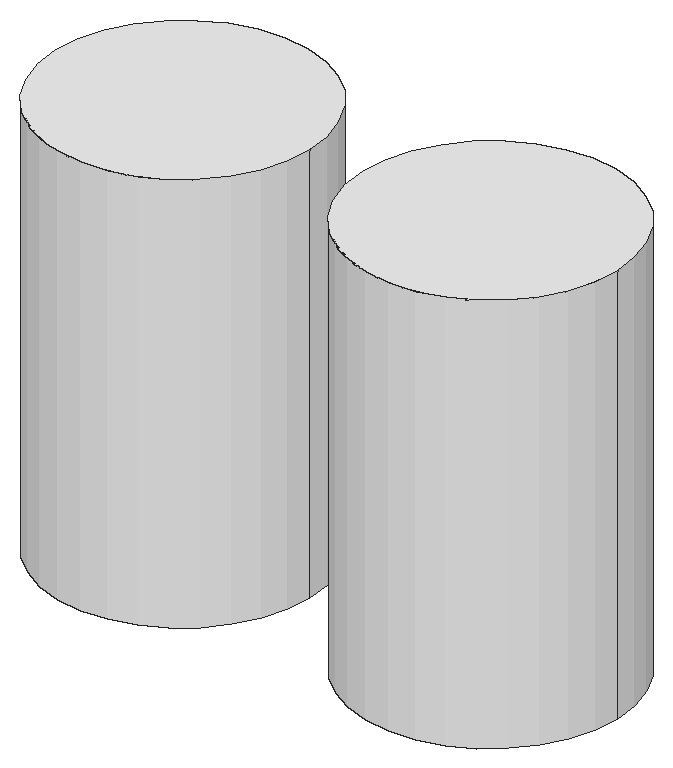
Revit family "514222930037", category Plumbing Fixtures, Revit 2020
Family settings
  Round Connector Dimension = Use Diameter
  Part Type = Normal
  OmniClass Number = 23.45.55.00
  OmniClass Title = Sanitary Faucets, Wastes
  Work Plane-Based = No
  Always vertical = Yes
  Cut with Voids When Loaded = No
  Shared = No
  Room Calculation Point = No
Parameters (values of type "514222930037 Washbasin faucet ")
  Working Pressure = "50 - 1000 kPa"
  WarrantyStartDate [instance] = "n/a"
  WarrantyGuarantorParts = "n/a"
  WarrantyGuarantorLabor = "n/a"
  WarrantyDurationUnit = "Year"
  WarrantyDurationParts = "n/a"
  WarrantyDurationLabor = "n/a"
  WarrantyDescription = "http://warranty.hansa.com"
  Warranty Information URL = "http://warranty.hansa.com"
  VersionDate = "20/08/2024"
  Version = "1"
  ValvePattern = "n/a"
  ValveOperation = "n/a"
  ValveMechanism = "n/a"
  Uniclass2015Reference = "Pr_40_20_87_96"
  Uniclass2015Description = "Washbasin manual water supply sets"
  Uniclass2 = "Pr_40_30_96_96"
  URL REACH = "http://static.hansa.com/doc/reach"
  URL Global Mark = "http://static.hansa.com/Globalmark/514222930037"
  URL EcoLabel Declaration = "http://static.hansa.com/doc/EcoLabel"
  URL EU Packaging Declaration = "http://static.hansa.com/doc/packaging"
  URL Declaration of SCIP = "http://static.hansa.com/doc/SCIP"
  URL Declaration of Conformity = "http://static.hansa.com/DoC/514222930037"
  URL Declaration of Asbestos = "http://static.hansa.com/doc/asbestos"
  URL Declaration Of Performance (DOP) = "http://static.hansa.com/doc/DoP"
  URL = ""
  UNSPSC Class Number = "30181700 Faucets or taps"
  TestPressure = "n/a"
  Temperature Adjustments = "Limitation option for maximum temperature and flow-rate ;Adjustable hot water stop (included, retrofittable)"
  Temperature = "Temperature limiter;Temperature limiter (retrofittable)"
  Technical DataSheet URL = "http://www.hansa.com/datasheet/514222930037/en"
  TagNumber [instance] = "n/a"
  SustainabilityPerformance = "n/a"
  Surface treatment = "Chrome"
  Spout Type = "Fixed spout"
  Spout Projection = "103 mm"
  Size = "48.5x137x136 mm"
  Shape = "Sculptured"
  SerialNumber [instance] = "n/a"
  Sales Package dimensions (LxWxH) = "540 x 146 x 59"
  Revision = "n/a"
  ReplacementCost = "n/a"
  ProductInformation = "Washbasin faucet with fixed spout and aerator"
  Product URL = "http://static.hansa.com/514222930037"
  Product Image URL = "http://static.hansa.com/image/514222930037"
  Product Family = "HANSAPOLO "
  Product Code = "514222930037"
  OperatingMechanismMaterial = "n/a"
  NominalWidth = 48.5 mm
  NominalHeight = 137 mm
  NominalDepth = 137 mm
  Noise Class = "I (ISO3822)"
  Name_en = "514222930037 Washbasin faucet"
  Name = "514222930037 Washbasin faucet"
  NBSReference = "45-35-70/371"
  NBSDescription = "Water supply fittings for wash basins and troughs"
  Mounting Holes = "1 hole"
  ModelReference = "514222930037"
  ModelNumber = "n/a"
  Model = "514222930037 Washbasin faucet"
  Mobile Product Information URL = "http://mpi.hansa.com/514222930037"
  Mechanical Parts = "ø 35 mm ceramic cartridge for flow and temperature control"
  Max. Hot Water Supply = 70 °C
  Material = "Brass"
  Market = "International;Australia"
  ManufacturerURL = "http://www.hansa.com"
  ManufacturerName = "HANSA"
  Manufacturer = "HANSA"
  Lever Handle = "Hot/Cold symbols;Single operating lever/handle"
  Interactive AR View URL = "https://static.hansa.com/AR/514222930037"
  InstallationDate [instance] = "n/a"
  Installation and Maintenance Guide URL = "http://static.hansa.com/manual/514222930037"
  Installation Type = "Deck mounted"
  InletConnectionSize = 19 mm
  IfcExportType = "FAUCET"  # constant formula
  IfcExportAs = "IfcValveType"  # constant formula
  Group = "Washbasin faucet"
  Grade = "n/a"
  FlowCoefficient = 0
  Flow Rate At 300kPa With Flow Controller = 0.1 L/s
  Flow Drawing URL = "http://static.hansa.com/flowchart/514222930037"
  Finish = "Polished"
  Features = "Single-lever"
  FaucetMainMaterial = Brass
  FDV Document URL = "http://www.hansa.com/datasheet/514222930037/en/fdv"
  ExpectedLife = "n/a"
  Excluded Items = "Without pop-up waste;Without draw-rod opening"
  ETIM Class Number = "EC011328 Washbasin mixing tap"
  EN Standard = "EN 817"
  EAN Number = "4057304004032"
  DurationUnit = "Year"
  Dimension Drawing URL = "http://static.hansa.com/dimdrw/514222930037"
  Description = "Washbasin faucet with fixed spout and aerator"
  DefaultElevation [instance] = 900 mm
  Default Elevation = 0 mm
  Constituents = "n/a"
  Connection Size = "G1/2"
  Connection = "Flexible inlet pipes"
  Color = "Chrome"
  CodePerformance = "n/a"
  CloseOffRating = 0
  Certificate Global Mark = "GM-WM-040199-I02-R00"
  Category B2C = "Washbasin"
  Catalog Drawing URL = "http://static.hansa.com/catdrw/514222930037"
  Brand = "HANSA"
  BodyMaterial = "Brass"
  Barcode [instance] = "n/a"
  Backflow Prevention EN1717 = "AA"
  BIMObjectName = "514222930037"
  Author = "BIMStone"
  AssetType = "Fixed"
  AssetIdentifier [instance] = "n/a"
  Aerator = "PCA® - constant flow rate regardless of pressure variations"
  Advanced Features = "Inner body made of DZR brass;Rapid installation system"
  AccessibilityPerformance = "n/a"
  3D View = "https://static.hansa.com/3D/514222930037"
  2D/3D/BIM Files URL = "http://static.hansa.com/bim/514222930037"
Reference planes
  plane 1 "Center (Front/Back)": y = 0
  plane 2: z = 0
  plane 3 "Center (Left/Right)": x = 0
  plane 4: x = -24.25
  plane 5: z = 1037
  plane 6: z = 900
  plane 7: z = 870
  plane 8: y = -137
  plane 9: x = 24.25
Forms (mm)
  Extrusion 1, solid, material "Brass" <- "FaucetMainMaterial"
    sketch origin (0, 0, 0) x (1, 0, 0) y (0, 1, 0)
      loop
        circle (-11.5, -22.5) r 9.5
      loop
        circle (11.5, -22.5) r 9.5
    from 870 to 900
  Extrusion 2, solid, material "Brass" <- "FaucetMainMaterial", detail levels medium
    sketch origin (0, 0, 0) x (0, 1, 0) y (0, 0, 1)
      loop
        line (-11.837, 1037) -> (-124.122, 1037) -> (-122.074, 1028.126) -> (-62.2, 1027.177)
        arc (-62.2, 1027.177) -> (-58.651, 1025.78) -> (-57.131, 1022.282) r 4.983
        line (-57.131, 1022.282) -> (-56.683, 996.618) -> (-137, 989.601) -> (-137, 987.69) -> (-131.699, 983.242) -> (-135.856, 977.305) -> (-116.182, 963.529) -> (-114.062, 966.556) -> (-77.551, 967.193)
        arc (-77.551, 967.193) -> (-59.309, 959.809) -> (-50.685, 942.118) r 27.474
        line (-50.685, 942.118) -> (-47, 900) -> (0, 900) -> (-11.837, 1037)
    from -24.25 to 24.25
  Extrusion 3, solid, material "Brass" <- "FaucetMainMaterial", detail levels coarse
    sketch origin (0, 0, 0) x (1, 0, 0) y (0, 1, 0)
      loop
        line (-24.25, 0) -> (-24.25, -137) -> (24.25, -137) -> (24.25, 0) -> (-24.25, 0)
    from 900 to 1037
Lines and regions (mm)
  symbolic lines, detail levels medium+fine
    curve 1: line (0, 0, 900) -> (-23.5, 0, 900)
    curve 2: line (-23.5, 0, 900) -> (-23.5, 0, 998.12)
    curve 3: spline (-24.25, 0, 1002.285) -> (-24.238, 0, 1002.205) -> (-24.201, 0, 1002.125) -> (-24.14, 0, 1002.045) -> (-24.055, 0, 1001.966) -> (-23.945, 0, 1001.886) -> (-23.812, 0, 1001.808) -> (-23.654, 0, 1001.729) -> (-23.472, 0, 1001.651) -> (-23.267, 0, 1001.574) -> (-23.039, 0, 1001.498) -> (-22.787, 0, 1001.422) -> (-22.512, 0, 1001.347)
    curve 4: arc (-24.25, 0, 1002.285) -> (-23.247, 0, 1017.942) -> (-21.807, 0, 1033.565) r 561.53
    curve 5: line (-20.482, 0, 1035.174) -> (-14.32, 0, 1036.261)
    curve 6: arc (-14.32, 0, 1036.261) -> (-9.879, 0, 1036.835) -> (-5.404, 0, 1037) r 48.793
    curve 7: line (-5.404, 0, 1037) -> (0, 0, 1037)
    curve 9: line (0, 0, 900) -> (23.5, 0, 900)
    curve 10: line (23.5, 0, 900) -> (23.5, 0, 998.12)
    curve 11: spline (24.25, 0, 1002.285) -> (24.238, 0, 1002.205) -> (24.201, 0, 1002.125) -> (24.14, 0, 1002.045) -> (24.055, 0, 1001.966) -> (23.945, 0, 1001.886) -> (23.812, 0, 1001.808) -> (23.654, 0, 1001.729) -> (23.472, 0, 1001.651) -> (23.267, 0, 1001.574) -> (23.039, 0, 1001.498) -> (22.787, 0, 1001.422) -> (22.512, 0, 1001.347)
    curve 12: arc (24.25, 0, 1002.285) -> (23.247, 0, 1017.942) -> (21.807, 0, 1033.565) r 561.53
    curve 13: line (20.482, 0, 1035.174) -> (14.32, 0, 1036.261)
    curve 14: arc (14.32, 0, 1036.261) -> (9.879, 0, 1036.835) -> (5.404, 0, 1037) r 48.793
    curve 15: line (5.404, 0, 1037) -> (0, 0, 1037)
    curve 16: line (-22.633, 0, 998.988) -> (-22.512, 0, 1001.347)
    curve 17: line (22.633, 0, 998.988) -> (22.512, 0, 1001.347)
    curve 18: arc (-22.633, 0, 998.988) -> (-23.246, 0, 998.734) -> (-23.5, 0, 998.12) r 0.867
    curve 19: arc (22.633, 0, 998.988) -> (23.246, 0, 998.734) -> (23.5, 0, 998.12) r 0.867
    curve 20: arc (-20.482, 0, 1035.174) -> (-21.441, 0, 1034.614) -> (-21.807, 0, 1033.565) r 1.605
    curve 21: arc (20.482, 0, 1035.174) -> (21.441, 0, 1034.614) -> (21.807, 0, 1033.565) r 1.605
    curve 59: line (0, 0, 900) -> (0, -47, 900)
    curve 60: line (0, -47, 900) -> (0, -50.685, 942.118)
    curve 61: arc (0, -50.685, 942.118) -> (0, -59.309, 959.809) -> (0, -77.551, 967.193) r 27.474
    curve 62: line (0, -77.551, 967.193) -> (0, -109.985, 966.627)
    curve 63: arc (0, -109.985, 966.627) -> (0, -111.706, 966.9) -> (0, -113.23, 967.744) r 5.017
    curve 65: line (0, -136.087, 989.68) -> (0, -56.683, 996.618)
    curve 66: line (0, -56.683, 996.618) -> (0, -57.131, 1022.282)
    curve 67: arc (0, -57.131, 1022.282) -> (0, -58.651, 1025.78) -> (0, -62.2, 1027.177) r 4.983
    curve 68: line (0, -62.2, 1027.177) -> (0, -118.76, 1028.074)
    curve 69: arc (0, -118.76, 1028.074) -> (0, -121.312, 1028.98) -> (0, -122.794, 1031.248) r 4.237
    curve 70: line (0, -122.794, 1031.248) -> (0, -123.357, 1033.686)
    curve 71: arc (0, -123.357, 1033.686) -> (0, -123.101, 1034.795) -> (0, -122.07, 1035.277) r 1.299
    curve 72: line (0, -122.07, 1035.277) -> (0, -83.546, 1036.623)
    curve 73: arc (0, -83.546, 1036.623) -> (0, -75.229, 1036.862) -> (0, -66.91, 1037) r 680.589
    curve 74: arc (0, -66.91, 1037) -> (0, -40.52, 1036.693) -> (0, -14.169, 1035.22) r 597.328
    curve 75: arc (0, -14.169, 1035.22) -> (0, -13.191, 1034.767) -> (0, -12.746, 1033.786) r 1.547
    curve 76: line (0, -12.746, 1033.786) -> (0, -9.744, 1014.834)
    curve 77: line (0, -9.744, 1014.834) -> (0, -15.314, 1011.619)
    curve 78: arc (0, -15.314, 1011.619) -> (0, -12.568, 1006.368) -> (0, -11.235, 1000.594) r 23.302
    curve 79: arc (0, -137, 988.684) -> (0, -136.737, 989.36) -> (0, -136.087, 989.68) r 1
    curve 80: arc (0, -137, 988.156) -> (0, -136.906, 987.733) -> (0, -136.643, 987.39) r 1
    curve 81: line (0, -137, 988.684) -> (0, -137, 988.156)
    curve 82: line (0, -116.182, 963.529) -> (0, -135.856, 977.305)
    curve 83: line (0, -131.699, 983.242) -> (0, -135.856, 977.305)
    curve 84: line (0, -113.23, 967.744) -> (0, -116.182, 963.529)
    curve 85: line (0, -131.699, 983.242) -> (0, -136.643, 987.39)
    curve 89: line (0, -11.235, 1000.594) -> (0, -8.819, 1000.805)
    curve 91: line (0, -137, 0) -> (-6.831, -137, 0)
    curve 92: arc (-6.831, -137, 0) -> (-9.954, -136.71, 0) -> (-12.97, -135.849, 0) r 16.95
    curve 93: arc (-12.97, -135.849, 0) -> (-13.9, -135.32, 0) -> (-14.637, -134.545, 0) r 3.659
    curve 94: arc (-14.637, -134.545, 0) -> (-15.74, -132.603, 0) -> (-16.449, -130.485, 0) r 11.565
    curve 95: line (-16.449, -130.485, 0) -> (-22.722, -40.776, 0)
    curve 96: line (0, -137, 0) -> (6.831, -137, 0)
    curve 97: arc (6.831, -137, 0) -> (9.954, -136.71, 0) -> (12.97, -135.849, 0) r 16.95
    curve 98: arc (12.97, -135.849, 0) -> (13.9, -135.32, 0) -> (14.637, -134.545, 0) r 3.659
    curve 99: arc (14.637, -134.545, 0) -> (15.74, -132.603, 0) -> (16.449, -130.485, 0) r 11.565
    curve 100: line (16.449, -130.485, 0) -> (22.722, -40.776, 0)
    curve 102: spline (23.357, -26.09, 0) -> (23.666, -27.298, 0) -> (23.911, -28.52, 0) -> (24.09, -29.752, 0) -> (24.203, -30.993, 0) -> (24.249, -32.237, 0) -> (24.228, -33.482, 0) -> (24.141, -34.725, 0) -> (23.988, -35.961, 0) -> (23.769, -37.187, 0) -> (23.484, -38.401, 0) -> (23.135, -39.598, 0) -> (22.722, -40.776, 0)
    curve 103: arc (23.357, -26.09, 0) -> (0, 0, 0) -> (-23.357, -26.09, 0) r 23.5
    curve 112: spline (-22.722, -40.776, 0) -> (-23.135, -39.598, 0) -> (-23.484, -38.401, 0) -> (-23.769, -37.187, 0) -> (-23.988, -35.961, 0) -> (-24.141, -34.725, 0) -> (-24.228, -33.482, 0) -> (-24.249, -32.237, 0) -> (-24.203, -30.993, 0) -> (-24.09, -29.752, 0) -> (-23.911, -28.52, 0) -> (-23.666, -27.298, 0) -> (-23.357, -26.09, 0)
    curve 117: line (0, 0, 900) -> (0, -8.819, 1000.805)
  symbolic lines, detail levels fine
    curve 8: spline (-22.512, 0, 1001.347) -> (-19.863, 0, 1000.838) -> (-16.168, 0, 1000.405) -> (-11.62, 0, 1000.071) -> (-6.46, 0, 999.854) -> (-0.96, 0, 999.765) -> (4.591, 0, 999.808) -> (9.899, 0, 999.982) -> (14.687, 0, 1000.278) -> (18.7, 0, 1000.679) -> (21.728, 0, 1001.165) -> (23.611, 0, 1001.71) -> (24.25, 0, 1002.285)
    curve 22: line (-15.899, 0, 1034.548) -> (-15.72, 0, 1031.125)
    curve 23: arc (-15.72, 0, 1031.125) -> (-14.393, 0, 1028.344) -> (-11.489, 0, 1027.315) r 4.026
    curve 24: line (-11.489, 0, 1027.315) -> (0, 0, 1027.315)
    curve 25: arc (-14.32, 0, 1036.261) -> (-15.47, 0, 1035.737) -> (-15.899, 0, 1034.548) r 1.629
    curve 26: line (15.899, 0, 1034.548) -> (15.72, 0, 1031.125)
    curve 27: arc (15.72, 0, 1031.125) -> (14.393, 0, 1028.344) -> (11.489, 0, 1027.315) r 4.026
    curve 28: line (11.489, 0, 1027.315) -> (0, 0, 1027.315)
    curve 29: arc (14.32, 0, 1036.261) -> (15.47, 0, 1035.737) -> (15.899, 0, 1034.548) r 1.629
    curve 30: spline (-22.633, 0, 998.988) -> (-21.861, 0, 998.451) -> (-19.6, 0, 997.951) -> (-16.004, 0, 997.522) -> (-11.316, 0, 997.193) -> (-5.858, 0, 996.986) -> (0, 0, 996.915) -> (5.858, 0, 996.986) -> (11.316, 0, 997.193) -> (16.004, 0, 997.522) -> (19.6, 0, 997.951) -> (21.861, 0, 998.451) -> (22.633, 0, 998.988)
    curve 31: spline (10.74, 0, 970.347) -> (10.374, 0, 971.955) -> (9.301, 0, 973.453) -> (7.594, 0, 974.74) -> (5.37, 0, 975.728) -> (2.78, 0, 976.349) -> (0, 0, 976.56) -> (-2.78, 0, 976.349) -> (-5.37, 0, 975.728) -> (-7.594, 0, 974.74) -> (-9.301, 0, 973.453) -> (-10.374, 0, 971.955) -> (-10.74, 0, 970.347) -> (-10.374, 0, 968.738) -> (-9.301, 0, 967.24) -> (-7.594, 0, 965.953) -> (-5.37, 0, 964.965) -> (-2.78, 0, 964.345) -> (0, 0, 964.133) -> (2.78, 0, 964.345) -> (5.37, 0, 964.965) -> (7.594, 0, 965.953) -> (9.301, 0, 967.24) -> (10.374, 0, 968.738) -> (10.74, 0, 970.347)
    curve 32: line (-10.74, 0, 970.347) -> (-10.74, 0, 977.121)
    curve 33: line (10.74, 0, 970.347) -> (10.74, 0, 977.121)
    curve 34: spline (-10.74, 0, 970.633) -> (-11.115, 0, 971.144) -> (-11.425, 0, 971.671) -> (-11.668, 0, 972.211) -> (-11.842, 0, 972.761) -> (-11.948, 0, 973.317) -> (-11.983, 0, 973.877) -> (-11.948, 0, 974.437) -> (-11.842, 0, 974.993) -> (-11.668, 0, 975.543) -> (-11.425, 0, 976.083) -> (-11.115, 0, 976.61) -> (-10.74, 0, 977.121)
    curve 35: line (-11.983, 0, 973.877) -> (-11.983, 0, 976.203)
    curve 36: line (11.983, 0, 973.877) -> (11.983, 0, 976.203)
    curve 37: spline (-11.983, 0, 976.203) -> (-11.574, 0, 978.096) -> (-10.377, 0, 979.86) -> (-8.473, 0, 981.375) -> (-5.991, 0, 982.538) -> (-3.101, 0, 983.269) -> (0, 0, 983.518) -> (3.101, 0, 983.269) -> (5.991, 0, 982.538) -> (8.473, 0, 981.375) -> (10.377, 0, 979.86) -> (11.574, 0, 978.096) -> (11.983, 0, 976.203)
    curve 38: spline (-10.74, 0, 977.121) -> (-9.578, 0, 978.273) -> (-8.088, 0, 979.275) -> (-6.321, 0, 980.092) -> (-4.338, 0, 980.696) -> (-2.207, 0, 981.067) -> (0, 0, 981.192) -> (2.207, 0, 981.067) -> (4.338, 0, 980.696) -> (6.321, 0, 980.092) -> (8.088, 0, 979.275) -> (9.578, 0, 978.273) -> (10.74, 0, 977.121)
    curve 39: spline (10.74, 0, 977.121) -> (11.115, 0, 976.61) -> (11.425, 0, 976.083) -> (11.668, 0, 975.543) -> (11.842, 0, 974.993) -> (11.948, 0, 974.437) -> (11.983, 0, 973.877) -> (11.948, 0, 973.317) -> (11.842, 0, 972.761) -> (11.668, 0, 972.211) -> (11.425, 0, 971.671) -> (11.115, 0, 971.144) -> (10.74, 0, 970.633)
    curve 40: line (-23.5, 0, 998.12) -> (-17.681, 0, 988.808)
    curve 41: line (-17.681, 0, 988.808) -> (-16.86, 0, 987.494)
    curve 42: arc (-16.86, 0, 987.494) -> (-15.964, 0, 986.671) -> (-14.772, 0, 986.423) r 2.289
    curve 43: line (-3.71, 0, 987.138) -> (-14.772, 0, 986.423)
    curve 44: arc (-3.71, 0, 987.138) -> (-1.858, 0, 987.301) -> (0, 0, 987.355) r 31.816
    curve 45: line (23.5, 0, 998.12) -> (16.86, 0, 987.494)
    curve 46: arc (16.86, 0, 987.494) -> (15.963, 0, 986.67) -> (14.77, 0, 986.422) r 2.29
    curve 47: line (3.71, 0, 987.138) -> (14.77, 0, 986.422)
    curve 48: arc (3.71, 0, 987.138) -> (1.858, 0, 987.301) -> (0, 0, 987.355) r 31.816
    curve 49: line (-23.5, 0, 988.518) -> (-18.651, 0, 977.627)
    curve 50: arc (-18.651, 0, 977.627) -> (-15.357, 0, 972.753) -> (-10.589, 0, 969.307) r 16.858
    curve 51: line (23.5, 0, 988.518) -> (18.651, 0, 977.627)
    curve 52: arc (18.651, 0, 977.627) -> (15.357, 0, 972.753) -> (10.589, 0, 969.307) r 16.858
    curve 53: line (-17.103, 0, 984.092) -> (-17.368, 0, 980.229)
    curve 54: arc (-17.368, 0, 980.229) -> (-16.589, 0, 975.346) -> (-13.751, 0, 971.296) r 11.008
    curve 55: arc (-14.772, 0, 986.423) -> (-16.42, 0, 985.741) -> (-17.103, 0, 984.092) r 2.331
    curve 56: line (17.103, 0, 984.092) -> (17.368, 0, 980.229)
    curve 57: arc (17.368, 0, 980.229) -> (16.589, 0, 975.346) -> (13.751, 0, 971.296) r 11.008
    curve 58: arc (14.772, 0, 986.423) -> (16.42, 0, 985.741) -> (17.103, 0, 984.092) r 2.331
    curve 64: line (0, -113.23, 967.744) -> (0, -131.699, 983.242)
    curve 86: line (0, -15.314, 1011.619) -> (0, -31.179, 1002.459)
    curve 87: line (0, -56.746, 1000.222) -> (0, -31.179, 1002.459)
    curve 88: line (0, -56.683, 996.618) -> (0, -11.235, 1000.594)
    curve 90: spline (-16.871, -49.542, 0) -> (-17.505, -48.918, 0) -> (-18.114, -48.272, 0) -> (-18.699, -47.604, 0) -> (-19.258, -46.915, 0) -> (-19.791, -46.206, 0) -> (-20.296, -45.479, 0) -> (-20.774, -44.734, 0) -> (-21.223, -43.971, 0) -> (-21.643, -43.194, 0) -> (-22.033, -42.401, 0) -> (-22.393, -41.595, 0) -> (-22.722, -40.776, 0)
    curve 101: spline (-23.357, -26.09, 0) -> (-21.412, -21.325, 0) -> (-18.468, -17.081, 0) -> (-14.662, -13.556, 0) -> (-10.172, -10.913, 0) -> (-5.207, -9.276, 0) -> (0, -8.722, 0) -> (5.207, -9.276, 0) -> (10.172, -10.913, 0) -> (14.662, -13.556, 0) -> (18.468, -17.081, 0) -> (21.412, -21.325, 0) -> (23.357, -26.09, 0)
    curve 104: line (0, -123.45, 0) -> (-5, -123.45, 0)
    curve 105: arc (-5, -123.45, 0) -> (-8.178, -122.739, 0) -> (-10.749, -120.742, 0) r 7.456
    curve 106: arc (-10.749, -120.742, 0) -> (-11.709, -119.136, 0) -> (-12.144, -117.316, 0) r 6.19
    curve 107: line (-12.144, -117.316, 0) -> (-15.964, -54.466, 0)
    curve 108: line (0, -123.45, 0) -> (5, -123.45, 0)
    curve 109: arc (5, -123.45, 0) -> (8.178, -122.739, 0) -> (10.749, -120.742, 0) r 7.456
    curve 110: arc (10.749, -120.742, 0) -> (11.709, -119.136, 0) -> (12.144, -117.316, 0) r 6.19
    curve 111: line (12.144, -117.316, 0) -> (15.964, -54.466, 0)
    curve 113: spline (22.722, -40.776, 0) -> (22.393, -41.595, 0) -> (22.033, -42.401, 0) -> (21.643, -43.194, 0) -> (21.223, -43.971, 0) -> (20.774, -44.734, 0) -> (20.296, -45.479, 0) -> (19.791, -46.206, 0) -> (19.258, -46.915, 0) -> (18.699, -47.604, 0) -> (18.114, -48.272, 0) -> (17.505, -48.918, 0) -> (16.871, -49.542, 0)
    curve 114: spline (18.875, -45.082, 0) -> (21.467, -38.062, 0) -> (21.469, -30.592, 0) -> (18.881, -23.572, 0) -> (14.014, -17.848, 0) -> (7.457, -14.112, 0) -> (0, -12.815, 0) -> (-7.457, -14.112, 0) -> (-14.014, -17.848, 0) -> (-18.881, -23.572, 0) -> (-21.469, -30.592, 0) -> (-21.467, -38.062, 0) -> (-18.875, -45.082, 0)
    curve 115: arc (-15.964, -54.466, 0) -> (-16.854, -49.598, 0) -> (-18.875, -45.082, 0) r 20.664
    curve 116: arc (15.964, -54.466, 0) -> (16.854, -49.598, 0) -> (18.875, -45.082, 0) r 20.664
Dimensions and locks
  "NominalHeight": plane 5 to plane 6
  "DefaultElevation": plane 6 to level
  locked: plane 6 to plane 7 at 30
  "NominalDepth": plane 8 to plane 1 "Center (Front/Back)"
  equal spacing: plane 4, plane 3 "Center (Left/Right)", plane 9
  "NominalWidth": plane 4 to plane 9
  "InletConnectionSize": diameter of Extrusion 1 sketch curve  (x2)
  aligned and locked: level to plane 2
  aligned and locked: plane 6 to Extrusion 1
  aligned and locked: Extrusion 1 to plane 7
  aligned and locked: Extrusion 3 to plane 6
  aligned and locked: plane 5 to Extrusion 3
  aligned and locked: plane 6 to import instance
Automatic sketch dimensions
  curve 101 to plane 4 = 0 mm
  curve 90 to plane 4 = 0 mm
  curve 112 to plane 4 = 0 mm
  curve 113 to plane 4 = 0 mm
  curve 102 to plane 4 = 0 mm
  plane 8 to curve 92 = 0 mm
  curve 96 to plane 3 "Center (Left/Right)" = 0 mm
  curve 90 to plane 3 "Center (Left/Right)" = 0 mm
  curve 101 to plane 3 "Center (Left/Right)" = 0 mm
  curve 102 to plane 3 "Center (Left/Right)" = 0 mm
  curve 113 to plane 3 "Center (Left/Right)" = 0 mm
  curve 108 to plane 3 "Center (Left/Right)" = 0 mm
  curve 103 to plane 3 "Center (Left/Right)" = 0 mm
  curve 114 to plane 3 "Center (Left/Right)" = 0 mm
  curve 112 to plane 3 "Center (Left/Right)" = 0 mm
  curve 115 to plane 4 = 12.34 mm
  plane 4 to curve 95 = 1.528 mm
  plane 4 to curve 95 = 7.801 mm
  plane 4 to curve 107 = 8.286 mm
  plane 4 to curve 107 = 12.106 mm
  curve 95 to curve 93 = 4.805 mm
  curve 106 to curve 92 = 5.313 mm
  curve 92 to curve 106 = 0.855 mm
  curve 94 to plane 3 "Center (Left/Right)" = 5.179 mm
  curve 92 to curve 104 = 1.831 mm
  plane 3 "Center (Left/Right)" to curve 108 = 5 mm
  curve 108 to curve 99 = 0.179 mm
  curve 109 to curve 110 = 0.976 mm
  curve 110 to curve 97 = 0.855 mm
  curve 98 to plane 8 = 4.562 mm
  curve 97 to curve 98 = 4.813 mm
  curve 97 to curve 111 = 5.313 mm
  plane 9 to curve 111 = 8.286 mm
  curve 98 to curve 100 = 4.805 mm
  plane 9 to curve 100 = 1.528 mm
  curve 116 to plane 9 = 12.34 mm
  curve 93 to plane 8 = 4.562 mm
  curve 93 to curve 95 = 1.953 mm
  curve 98 to curve 100 = 1.953 mm
  curve 98 to curve 99 = 4.55 mm
  curve 93 to curve 94 = 4.55 mm
  curve 94 to curve 104 = 4.438 mm
  curve 109 to curve 97 = 3.4 mm
  curve 105 to curve 92 = 3.4 mm
  curve 92 to curve 107 = 2.733 mm
  curve 97 to curve 111 = 2.733 mm
  curve 97 to curve 110 = 3.25 mm
  curve 92 to curve 106 = 3.25 mm
  curve 106 to curve 105 = 0.806 mm
  curve 110 to curve 109 = 0.806 mm
  plane 1 "Center (Front/Back)" to curve 115 = 55.719 mm
  curve 116 to curve 111 = 1.254 mm
  curve 115 to curve 107 = 1.254 mm
  curve 115 to curve 95 = 13.69 mm
  curve 111 to curve 100 = 13.69 mm
  plane 1 "Center (Front/Back)" to curve 103 = 23.5 mm
  plane 4 to curve 103 = 0.893 mm
  plane 4 to curve 115 = 5.375 mm
  curve 115 to curve 90 = 2.004 mm
  curve 93 to curve 94 = 0 mm
  curve 98 to curve 97 = 0 mm
  curve 113 to curve 114 = 2.004 mm
  plane 9 to curve 114 = 2.451 mm
  curve 113 to curve 114 = 4.46 mm
  curve 114 to curve 90 = 1.844 mm
  curve 101 to curve 90 = 0 mm
  curve 112 to curve 113 = 0 mm
  Extrusion 3 sketch curve to plane 4 = 0 mm
  plane 8 to Extrusion 3 sketch curve = 0 mm
  Extrusion 3 sketch curve to plane 9 = 0 mm
  Extrusion 3 sketch curve to plane 1 "Center (Front/Back)" = 0 mm
  Extrusion 2 sketch curve to plane 8 = 0 mm
  Extrusion 2 sketch curve to plane 6 = 0 mm
  Extrusion 2 sketch curve to plane 5 = 0 mm
  Extrusion 2 sketch curve to plane 1 "Center (Front/Back)" = 0 mm
  Extrusion 2 sketch curve to plane 8 = 1.144 mm
  Extrusion 2 sketch curve to plane 8 = 5.301 mm
  Extrusion 2 sketch curve to plane 8 = 12.878 mm
  Extrusion 2 sketch curve to Extrusion 2 sketch curve = 2.049 mm
  Extrusion 2 sketch curve to plane 8 = 20.818 mm
  Extrusion 2 sketch curve to Extrusion 2 sketch curve = 2.12 mm
  Extrusion 2 sketch curve to Extrusion 2 sketch curve = 36.007 mm
  Extrusion 2 sketch curve to Extrusion 2 sketch curve = 0.503 mm
  Extrusion 2 sketch curve to plane 5 = 9.823 mm
  Extrusion 2 sketch curve to Extrusion 2 sketch curve = 59.874 mm
  Extrusion 2 sketch curve to Extrusion 2 sketch curve = 0.087 mm
  Extrusion 2 sketch curve to plane 5 = 14.718 mm
  Extrusion 2 sketch curve to Extrusion 2 sketch curve = 4.982 mm
  Extrusion 2 sketch curve to Extrusion 2 sketch curve = 0.448 mm
  Extrusion 2 sketch curve to Extrusion 2 sketch curve = 27.37 mm
  Extrusion 2 sketch curve to Extrusion 2 sketch curve = 3.685 mm
  plane 6 to Extrusion 2 sketch curve = 39.723 mm
  Extrusion 2 sketch curve to Extrusion 2 sketch curve = 2.395 mm
  Extrusion 2 sketch curve to Extrusion 2 sketch curve = 3.664 mm
  Extrusion 2 sketch curve to Extrusion 2 sketch curve = 3.027 mm
  Extrusion 2 sketch curve to Extrusion 2 sketch curve = 4.448 mm
  Extrusion 2 sketch curve to Extrusion 2 sketch curve = 1.911 mm
  Extrusion 2 sketch curve to Extrusion 2 sketch curve = 25.664 mm
  Extrusion 2 sketch curve to plane 5 = 8.874 mm
  plane 1 "Center (Front/Back)" to Extrusion 2 sketch curve = 11.837 mm
  curve 81 to plane 8 = 0 mm
  curve 73 to plane 5 = 0 mm
  curve 74 to plane 5 = 0 mm
  curve 59 to plane 6 = 0 mm
  curve 59 to plane 1 "Center (Front/Back)" = 0 mm
  curve 85 to plane 8 = 0.357 mm
  curve 80 to plane 8 = 1 mm
  curve 79 to curve 80 = 0 mm
  curve 82 to plane 8 = 1.144 mm
  curve 64 to plane 8 = 5.301 mm
  curve 70 to plane 5 = 3.314 mm
  curve 70 to plane 8 = 13.643 mm
  curve 70 to plane 5 = 5.752 mm
  curve 70 to curve 70 = 0.563 mm
  curve 70 to curve 71 = 1.266 mm
  curve 72 to plane 5 = 1.723 mm
  curve 71 to curve 72 = 0.021 mm
  curve 68 to plane 5 = 8.926 mm
  curve 70 to curve 68 = 4.035 mm
  curve 71 to curve 69 = 3.399 mm
  curve 82 to plane 8 = 20.818 mm
  curve 82 to curve 84 = 2.952 mm
  curve 63 to curve 63 = 3.157 mm
  curve 64 to curve 62 = 3.245 mm
  curve 72 to plane 5 = 0.377 mm
  curve 69 to curve 72 = 35.147 mm
  curve 62 to curve 61 = 31.931 mm
  curve 61 to curve 62 = 0.503 mm
  curve 68 to plane 5 = 9.823 mm
  curve 72 to curve 68 = 21.346 mm
  curve 68 to curve 67 = 0.087 mm
  plane 1 "Center (Front/Back)" to curve 74 = 60.664 mm
  plane 1 "Center (Front/Back)" to curve 73 = 59.793 mm
  curve 66 to plane 5 = 14.718 mm
  curve 67 to curve 66 = 4.982 mm
  curve 66 to curve 66 = 0.448 mm
  curve 61 to curve 60 = 27.37 mm
  curve 60 to curve 59 = 3.685 mm
  curve 65 to curve 78 = 22.261 mm
  curve 78 to curve 86 = 3.242 mm
  plane 1 "Center (Front/Back)" to curve 77 = 15.314 mm
  curve 75 to plane 5 = 3.322 mm
  plane 1 "Center (Front/Back)" to curve 75 = 14.289 mm
  curve 76 to plane 5 = 3.214 mm
  curve 75 to curve 76 = 1.543 mm
  plane 1 "Center (Front/Back)" to curve 89 = 11.235 mm
  curve 78 to curve 76 = 5.569 mm
  level to curve 74 = 439.705 mm
  plane 6 to curve 61 = 39.723 mm
  curve 61 to curve 60 = 2.395 mm
  curve 82 to curve 61 = 3.664 mm
  curve 82 to curve 62 = 3.098 mm
  curve 63 to curve 84 = 1.117 mm
  curve 64 to curve 85 = 4.148 mm
  curve 80 to curve 79 = 0.528 mm
  curve 65 to curve 78 = 1.664 mm
  curve 78 to curve 89 = 2.312 mm
  curve 78 to curve 87 = 4.177 mm
  curve 78 to curve 76 = 3.215 mm
  curve 79 to plane 8 = 0.913 mm
  curve 65 to curve 79 = 0 mm
  curve 87 to plane 5 = 36.778 mm
  curve 88 to curve 117 = 2.415 mm
  curve 88 to curve 89 = 0.211 mm
  curve 3 to plane 4 = 0 mm
  curve 8 to plane 4 = 0 mm
  curve 2 to plane 6 = 0 mm
  curve 7 to plane 5 = 0 mm
  curve 48 to plane 3 "Center (Left/Right)" = 0 mm
  curve 39 to plane 3 "Center (Left/Right)" = 0 mm
  curve 11 to plane 3 "Center (Left/Right)" = 0 mm
  curve 38 to plane 3 "Center (Left/Right)" = 0 mm
  curve 9 to plane 3 "Center (Left/Right)" = 0 mm
  curve 37 to plane 3 "Center (Left/Right)" = 0 mm
  curve 8 to plane 3 "Center (Left/Right)" = 0 mm
  curve 30 to plane 3 "Center (Left/Right)" = 0 mm
  curve 7 to plane 3 "Center (Left/Right)" = 0 mm
  curve 24 to plane 3 "Center (Left/Right)" = 0 mm
  curve 31 to plane 3 "Center (Left/Right)" = 0 mm
  curve 3 to plane 3 "Center (Left/Right)" = 0 mm
  curve 34 to plane 3 "Center (Left/Right)" = 0 mm
  curve 12 to plane 5 = 62.774 mm
  curve 12 to plane 4 = 512.328 mm
  plane 4 to curve 2 = 0.75 mm
  curve 18 to curve 18 = 0.867 mm
  plane 4 to curve 16 = 1.738 mm
  curve 5 to plane 5 = 1.826 mm
  plane 4 to curve 5 = 3.768 mm
  curve 5 to curve 20 = 0.279 mm
  plane 4 to curve 49 = 5.599 mm
  curve 49 to curve 41 = 5.819 mm
  curve 50 to curve 53 = 1.283 mm
  curve 53 to curve 53 = 0.265 mm
  curve 40 to curve 41 = 0.821 mm
  curve 22 to plane 5 = 2.452 mm
  curve 20 to curve 22 = 4.304 mm
  curve 25 to curve 22 = 0.179 mm
  curve 42 to curve 42 = 1.941 mm
  curve 42 to curve 43 = 0.147 mm
  curve 25 to curve 5 = 1.579 mm
  curve 5 to curve 25 = 0.047 mm
  curve 53 to curve 35 = 5.385 mm
  curve 23 to curve 23 = 4.02 mm
  curve 23 to curve 24 = 0.211 mm
  curve 35 to curve 32 = 1.243 mm
  curve 34 to curve 54 = 4.354 mm
  curve 6 to plane 3 "Center (Left/Right)" = 5.848 mm
  curve 7 to plane 3 "Center (Left/Right)" = 5.404 mm
  curve 6 to curve 43 = 2.138 mm
  curve 44 to curve 50 = 0.46 mm
  plane 3 "Center (Left/Right)" to curve 15 = 5.404 mm
  curve 47 to curve 14 = 2.138 mm
  curve 57 to curve 33 = 4.354 mm
  curve 14 to curve 28 = 6.085 mm
  curve 27 to curve 27 = 0.211 mm
  curve 27 to curve 29 = 2.573 mm
  curve 13 to plane 5 = 0.739 mm
  curve 29 to curve 13 = 0.047 mm
  curve 14 to curve 47 = 8.922 mm
  curve 46 to curve 58 = 0.002 mm
  curve 58 to curve 46 = 0.146 mm
  curve 26 to plane 5 = 5.875 mm
  curve 29 to curve 26 = 1.447 mm
  curve 26 to plane 5 = 2.452 mm
  curve 29 to curve 26 = 1.626 mm
  curve 58 to curve 56 = 2.331 mm
  curve 56 to curve 56 = 0.265 mm
  curve 56 to curve 51 = 1.283 mm
  plane 9 to curve 21 = 4.047 mm
  curve 13 to plane 5 = 1.826 mm
  curve 21 to curve 13 = 0.279 mm
  plane 9 to curve 17 = 1.738 mm
  plane 9 to curve 9 = 0.75 mm
  curve 4 to plane 5 = 62.774 mm
  curve 4 to plane 9 = 512.328 mm
  curve 48 to curve 14 = 32.67 mm
  curve 36 to curve 14 = 12.006 mm
  curve 35 to curve 32 = 0.918 mm
  curve 37 to curve 51 = 1.425 mm
  curve 35 to curve 49 = 1.425 mm
  curve 34 to curve 54 = 2.355 mm
  curve 33 to curve 57 = 2.355 mm
  curve 50 to curve 53 = 2.602 mm
  curve 52 to curve 56 = 2.602 mm
  curve 53 to curve 55 = 3.863 mm
  curve 57 to curve 58 = 3.863 mm
  curve 54 to curve 50 = 5.008 mm
  curve 47 to curve 58 = 0.001 mm
  curve 47 to curve 14 = 1.071 mm
  curve 42 to curve 41 = 1.071 mm
  curve 44 to curve 6 = 1.071 mm
  curve 58 to curve 46 = 2.284 mm
  curve 42 to curve 41 = 1.314 mm
  curve 40 to curve 2 = 9.312 mm
  curve 30 to curve 16 = 2.36 mm
  curve 19 to curve 17 = 2.36 mm
  curve 28 to curve 27 = 3.81 mm
  curve 22 to curve 25 = 3.423 mm
  curve 20 to curve 5 = 1.58 mm
  curve 21 to curve 21 = 1.58 mm
  curve 20 to curve 20 = 1.604 mm
  curve 38 to curve 39 = 0 mm
  curve 46 to curve 46 = 1.942 mm
  curve 21 to curve 12 = 1.604 mm
  curve 31 to curve 33 = 0 mm
  curve 32 to curve 34 = 0.286 mm
  curve 33 to curve 39 = 0.286 mm
  curve 38 to curve 34 = 0 mm
  curve 35 to curve 37 = 2.326 mm
  curve 36 to curve 39 = 0 mm
  curve 45 to curve 51 = 1.024 mm
  curve 49 to curve 40 = 0.29 mm
  curve 44 to curve 48 = 0 mm
  plane 3 "Center (Left/Right)" to curve 52 = 3.25 mm
  curve 52 to curve 47 = 0.46 mm
  curve 52 to curve 48 = 2.654 mm
  curve 32 to curve 50 = 0.151 mm
  curve 52 to curve 33 = 1.04 mm
  curve 50 to curve 32 = 1.04 mm
  Extrusion 1 sketch curve to plane 3 "Center (Left/Right)" = 11.5 mm
  plane 3 "Center (Left/Right)" to Extrusion 1 sketch curve = 11.5 mm
  plane 1 "Center (Front/Back)" to Extrusion 1 sketch curve = 22.5 mm  (x2)
Nested families
  nested 1: "Symbol" at (0, 0, 0), type "Symbol", detail levels coarse
Connectors
  piping at (-11.5, -22.5, 870), diameter 19, driven by "InletConnectionSize"
    settings: on Extrusion 1, index 1, connector inside diameter 609.6 mm, connector length 0 mm, flow factor 0, pipe flow 0.1 L/s, pressure drop 0.0 Pa, fitting loss kfactor 0, connector angle 0.00°, fixture units 0, engagement length 0 mm, angle of deflection 0.00°, flow configuration 1, flow direction 1, fitting loss method 0, system type 19, joint type 0, gender type 0, connector reference index -1, connector utility 0, adjustable connector no, is connector primary yes, connector description ""
  piping at (11.5, -22.5, 870), diameter 19, driven by "InletConnectionSize"
    settings: on Extrusion 1, index 2, connector inside diameter 609.6 mm, connector length 0 mm, flow factor 0, pipe flow 0.1 L/s, pressure drop 0.0 Pa, fitting loss kfactor 0, connector angle 0.00°, fixture units 0, engagement length 0 mm, angle of deflection 0.00°, flow configuration 1, flow direction 1, fitting loss method 0, system type 20, joint type 0, gender type 0, connector reference index -1, connector utility 0, adjustable connector no, is connector primary no, connector description ""
Definition of nested family "Symbol"
  Reference planes
    plane 1: y = 0
    plane 2: x = 0
  Lines and regions (mm)
    detail lines
      curve 1: line (0, 0, 0) -> (0, -1.8, 0)
      curve 2: line (-0.4, -1.1, 0) -> (0.4, -1.1, 0)
      curve 3: line (-0.4, -1.4, 0) -> (0.4, -1.4, 0)
      curve 4: line (0.863, 0, 0) -> (-0.863, 0, 0)
      curve 5: circle (-1.163, 0, 0) r 0.3 normal (0, 0, -1)
      curve 6: circle (1.163, 0, 0) r 0.3 normal (0, 0, 1)
